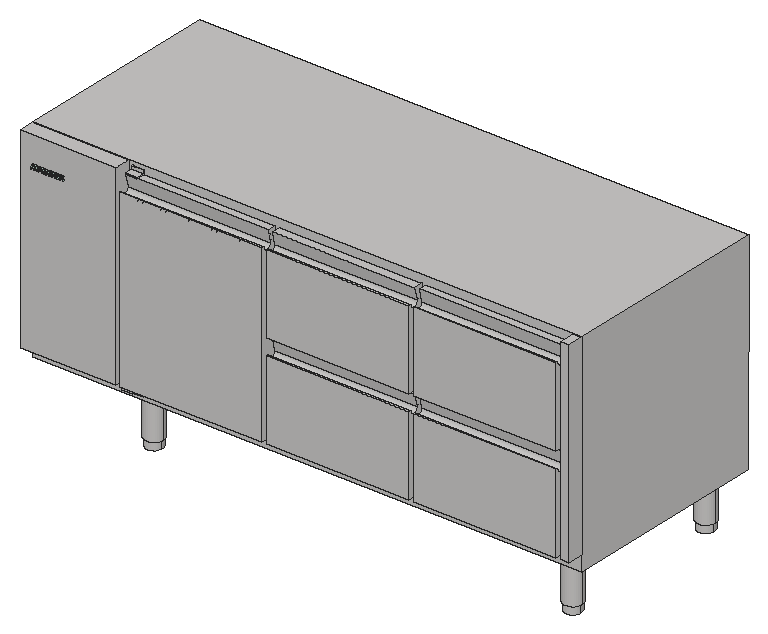
Revit family "QF_ALPENINOX_721141_AA3R7ABB", category Attrezzature speciali, Revit 2018 (continued)
Definition of nested family "HP_APX_BI_TN_L"
  Lines and regions (mm)
    Split face 120
      outline origin (330, -951.3, 50) x (1, 0, 0) y (0, 1, 0)
        loop
          arc (-286.464, 649.474) -> (-282.464, 653.474) -> (-286.464, 657.474) r 4
          line (-286.464, 657.474) -> (-328.464, 657.474)
    Split face 121
      outline origin (110, -951.3, 50) x (1, 0, 0) y (0, 1, 0)
        loop
          arc (-218.464, 657.474) -> (-222.464, 653.474) -> (-218.464, 649.474) r 4
          line (-218.464, 649.474) -> (-176.464, 649.474)
          arc (-176.464, 649.474) -> (-172.464, 653.474) -> (-176.464, 657.474) r 4
          line (-176.464, 657.474) -> (-218.464, 657.474)
    Split face 122
      outline origin (220, -951.3, 50) x (1, 0, 0) y (0, 1, 0)
        loop
          arc (-273.464, 657.474) -> (-277.464, 653.474) -> (-273.464, 649.474) r 4
          line (-273.464, 649.474) -> (-231.464, 649.474)
          arc (-231.464, 649.474) -> (-227.464, 653.474) -> (-231.464, 657.474) r 4
          line (-231.464, 657.474) -> (-273.464, 657.474)
    Split face 123
      outline origin (0, -975.3, 50) x (1, 0, 0) y (0, 1, 0)
        loop
          arc (-163.464, 669.474) -> (-167.464, 665.474) -> (-163.464, 661.474) r 4
          line (-163.464, 661.474) -> (-121.464, 661.474)
          arc (-121.464, 661.474) -> (-117.464, 665.474) -> (-121.464, 669.474) r 4
          line (-121.464, 669.474) -> (-163.464, 669.474)
    Split face 124
      outline origin (330, -975.3, 50) x (1, 0, 0) y (0, 1, 0)
        loop
          arc (-328.464, 669.474) -> (-332.464, 665.474) -> (-328.464, 661.474) r 4
          line (-328.464, 661.474) -> (-286.464, 661.474)
          arc (-286.464, 661.474) -> (-282.464, 665.474) -> (-286.464, 669.474) r 4
          line (-286.464, 669.474) -> (-328.464, 669.474)
    Split face 125
      outline origin (110, -975.3, 50) x (1, 0, 0) y (0, 1, 0)
        loop
          arc (-218.464, 669.474) -> (-222.464, 665.474) -> (-218.464, 661.474) r 4
          line (-218.464, 661.474) -> (-176.464, 661.474)
          arc (-176.464, 661.474) -> (-172.464, 665.474) -> (-176.464, 669.474) r 4
          line (-176.464, 669.474) -> (-218.464, 669.474)
    Split face 126
      outline origin (220, -975.3, 50) x (1, 0, 0) y (0, 1, 0)
        loop
          arc (-273.464, 669.474) -> (-277.464, 665.474) -> (-273.464, 661.474) r 4
          line (-273.464, 661.474) -> (-231.464, 661.474)
          arc (-231.464, 661.474) -> (-227.464, 665.474) -> (-231.464, 669.474) r 4
          line (-231.464, 669.474) -> (-273.464, 669.474)
    Split face 127
      outline origin (0, -999.3, 50) x (1, 0, 0) y (0, 1, 0)
        loop
          arc (-163.464, 681.474) -> (-167.464, 677.474) -> (-163.464, 673.474) r 4
          line (-163.464, 673.474) -> (-121.464, 673.474)
          arc (-121.464, 673.474) -> (-117.464, 677.474) -> (-121.464, 681.474) r 4
          line (-121.464, 681.474) -> (-163.464, 681.474)
    Split face 128
      outline origin (330, -999.3, 50) x (1, 0, 0) y (0, 1, 0)
        loop
          arc (-328.464, 681.474) -> (-332.464, 677.474) -> (-328.464, 673.474) r 4
          line (-328.464, 673.474) -> (-286.464, 673.474)
          arc (-286.464, 673.474) -> (-282.464, 677.474) -> (-286.464, 681.474) r 4
          line (-286.464, 681.474) -> (-328.464, 681.474)
    Split face 129
      outline origin (110, -999.3, 50) x (1, 0, 0) y (0, 1, 0)
        loop
          arc (-218.464, 681.474) -> (-222.464, 677.474) -> (-218.464, 673.474) r 4
          line (-218.464, 673.474) -> (-176.464, 673.474)
          arc (-176.464, 673.474) -> (-172.464, 677.474) -> (-176.464, 681.474) r 4
          line (-176.464, 681.474) -> (-218.464, 681.474)
    Split face 130
      outline origin (220, -999.3, 50) x (1, 0, 0) y (0, 1, 0)
        loop
          arc (-273.464, 681.474) -> (-277.464, 677.474) -> (-273.464, 673.474) r 4
          line (-273.464, 673.474) -> (-231.464, 673.474)
          arc (-231.464, 673.474) -> (-227.464, 677.474) -> (-231.464, 681.474) r 4
          line (-231.464, 681.474) -> (-273.464, 681.474)
    Split face 131
      outline origin (0, -1023.3, 50) x (1, 0, 0) y (0, 1, 0)
        loop
          arc (-163.464, 693.474) -> (-167.464, 689.474) -> (-163.464, 685.474) r 4
          line (-163.464, 685.474) -> (-121.464, 685.474)
          arc (-121.464, 685.474) -> (-117.464, 689.474) -> (-121.464, 693.474) r 4
          line (-121.464, 693.474) -> (-163.464, 693.474)
    Split face 132
      outline origin (330, -1023.3, 50) x (1, 0, 0) y (0, 1, 0)
        loop
          arc (-328.464, 693.474) -> (-332.464, 689.474) -> (-328.464, 685.474) r 4
          line (-328.464, 685.474) -> (-286.464, 685.474)
          arc (-286.464, 685.474) -> (-282.464, 689.474) -> (-286.464, 693.474) r 4
          line (-286.464, 693.474) -> (-328.464, 693.474)
    Split face 133
      outline origin (110, -1023.3, 50) x (1, 0, 0) y (0, 1, 0)
        loop
          arc (-218.464, 693.474) -> (-222.464, 689.474) -> (-218.464, 685.474) r 4
          line (-218.464, 685.474) -> (-176.464, 685.474)
          arc (-176.464, 685.474) -> (-172.464, 689.474) -> (-176.464, 693.474) r 4
          line (-176.464, 693.474) -> (-218.464, 693.474)
    Split face 134
      outline origin (220, -1023.3, 50) x (1, 0, 0) y (0, 1, 0)
        loop
          arc (-273.464, 693.474) -> (-277.464, 689.474) -> (-273.464, 685.474) r 4
          line (-273.464, 685.474) -> (-231.464, 685.474)
          arc (-231.464, 685.474) -> (-227.464, 689.474) -> (-231.464, 693.474) r 4
          line (-231.464, 693.474) -> (-273.464, 693.474)
    symbolic lines
      curve 1: line (87.08, -49, 50) -> (87.08, -49, 0)
  Dimensions and locks
    equal spacing: plane 6, plane 1 "Center (Front/Back)", plane 7
    equal spacing: plane 4, plane 3 "Center (Left/Right)", plane 5
    aligned and locked: plane 2 to Extrusion 1
    aligned and locked: level to Extrusion 1
  Automatic sketch dimensions
    Split face 5 sketch curve to Split face 5 sketch curve = 42 mm
    Split face 5 sketch curve to Split face 5 sketch curve = 4 mm
    Split face 6 sketch curve to Split face 6 sketch curve = 42 mm
    Split face 6 sketch curve to Split face 6 sketch curve = 4 mm
    Split face 7 sketch curve to Split face 7 sketch curve = 42 mm
    Split face 7 sketch curve to Split face 7 sketch curve = 4 mm
    Split face 8 sketch curve to Split face 8 sketch curve = 42 mm
    Split face 8 sketch curve to Split face 8 sketch curve = 4 mm
    Split face 9 sketch curve to Split face 9 sketch curve = 42 mm
    Split face 9 sketch curve to Split face 9 sketch curve = 4 mm
    Split face 10 sketch curve to Split face 10 sketch curve = 42 mm
    Split face 10 sketch curve to Split face 10 sketch curve = 4 mm
    Split face 11 sketch curve to Split face 11 sketch curve = 42 mm
    Split face 11 sketch curve to Split face 11 sketch curve = 4 mm
    Split face 12 sketch curve to Split face 12 sketch curve = 42 mm
    Split face 12 sketch curve to Split face 12 sketch curve = 4 mm
    Split face 13 sketch curve to Split face 13 sketch curve = 42 mm
    Split face 13 sketch curve to Split face 13 sketch curve = 4 mm
    Split face 14 sketch curve to Split face 14 sketch curve = 42 mm
    Split face 14 sketch curve to Split face 14 sketch curve = 4 mm
    Split face 15 sketch curve to Split face 15 sketch curve = 42 mm
    Split face 15 sketch curve to Split face 15 sketch curve = 4 mm
    Split face 16 sketch curve to Split face 16 sketch curve = 42 mm
    Split face 16 sketch curve to Split face 16 sketch curve = 4 mm
    Split face 17 sketch curve to Split face 17 sketch curve = 42 mm
    Split face 17 sketch curve to Split face 17 sketch curve = 4 mm
    Split face 18 sketch curve to Split face 18 sketch curve = 42 mm
    Split face 18 sketch curve to Split face 18 sketch curve = 4 mm
    Split face 19 sketch curve to Split face 19 sketch curve = 42 mm
    Split face 19 sketch curve to Split face 19 sketch curve = 4 mm
    Split face 20 sketch curve to Split face 20 sketch curve = 42 mm
    Split face 20 sketch curve to Split face 20 sketch curve = 4 mm
    Split face 21 sketch curve to Split face 21 sketch curve = 42 mm
    Split face 21 sketch curve to Split face 21 sketch curve = 4 mm
    Split face 22 sketch curve to Split face 22 sketch curve = 42 mm
    Split face 22 sketch curve to Split face 22 sketch curve = 4 mm
    Split face 23 sketch curve to Split face 23 sketch curve = 42 mm
    Split face 23 sketch curve to Split face 23 sketch curve = 4 mm
    Split face 24 sketch curve to Split face 24 sketch curve = 42 mm
    Split face 24 sketch curve to Split face 24 sketch curve = 4 mm
    Split face 25 sketch curve to Split face 25 sketch curve = 42 mm
    Split face 25 sketch curve to Split face 25 sketch curve = 4 mm
    Split face 26 sketch curve to Split face 26 sketch curve = 42 mm
    Split face 26 sketch curve to Split face 26 sketch curve = 4 mm
    Split face 27 sketch curve to Split face 27 sketch curve = 42 mm
    Split face 27 sketch curve to Split face 27 sketch curve = 4 mm
    Split face 28 sketch curve to Split face 28 sketch curve = 42 mm
    Split face 28 sketch curve to Split face 28 sketch curve = 4 mm
    Split face 29 sketch curve to Split face 29 sketch curve = 42 mm
    Split face 29 sketch curve to Split face 29 sketch curve = 4 mm
    Split face 30 sketch curve to Split face 30 sketch curve = 42 mm
    Split face 30 sketch curve to Split face 30 sketch curve = 4 mm
    Split face 31 sketch curve to Split face 31 sketch curve = 42 mm
    Split face 31 sketch curve to Split face 31 sketch curve = 4 mm
    Split face 32 sketch curve to Split face 32 sketch curve = 42 mm
    Split face 32 sketch curve to Split face 32 sketch curve = 4 mm
    Split face 33 sketch curve to Split face 33 sketch curve = 42 mm
    Split face 33 sketch curve to Split face 33 sketch curve = 4 mm
    Split face 34 sketch curve to Split face 34 sketch curve = 42 mm
    Split face 34 sketch curve to Split face 34 sketch curve = 4 mm
    Split face 35 sketch curve to Split face 35 sketch curve = 42 mm
    Split face 35 sketch curve to Split face 35 sketch curve = 4 mm
    Split face 36 sketch curve to Split face 36 sketch curve = 42 mm
    Split face 36 sketch curve to Split face 36 sketch curve = 4 mm
    Split face 37 sketch curve to Split face 37 sketch curve = 42 mm
    Split face 37 sketch curve to Split face 37 sketch curve = 4 mm
    Split face 38 sketch curve to Split face 38 sketch curve = 42 mm
    Split face 38 sketch curve to Split face 38 sketch curve = 4 mm
    Split face 39 sketch curve to Split face 39 sketch curve = 42 mm
    Split face 39 sketch curve to Split face 39 sketch curve = 4 mm
    Split face 40 sketch curve to Split face 40 sketch curve = 42 mm
    Split face 40 sketch curve to Split face 40 sketch curve = 4 mm
    Split face 41 sketch curve to Split face 41 sketch curve = 42 mm
    Split face 41 sketch curve to Split face 41 sketch curve = 4 mm
    Split face 42 sketch curve to Split face 42 sketch curve = 42 mm
    Split face 42 sketch curve to Split face 42 sketch curve = 4 mm
    Split face 43 sketch curve to Split face 43 sketch curve = 42 mm
    Split face 43 sketch curve to Split face 43 sketch curve = 4 mm
    Split face 44 sketch curve to Split face 44 sketch curve = 42 mm
    Split face 44 sketch curve to Split face 44 sketch curve = 4 mm
    Split face 45 sketch curve to Split face 45 sketch curve = 42 mm
    Split face 45 sketch curve to Split face 45 sketch curve = 4 mm
    Split face 46 sketch curve to Split face 46 sketch curve = 42 mm
    Split face 46 sketch curve to Split face 46 sketch curve = 4 mm
    Split face 47 sketch curve to Split face 47 sketch curve = 42 mm
    Split face 47 sketch curve to Split face 47 sketch curve = 4 mm
    Split face 48 sketch curve to Split face 48 sketch curve = 42 mm
    Split face 48 sketch curve to Split face 48 sketch curve = 4 mm
    Split face 49 sketch curve to Split face 49 sketch curve = 42 mm
    Split face 49 sketch curve to Split face 49 sketch curve = 4 mm
    Split face 50 sketch curve to Split face 50 sketch curve = 42 mm
    Split face 50 sketch curve to Split face 50 sketch curve = 4 mm
    Split face 51 sketch curve to Split face 51 sketch curve = 42 mm
    Split face 51 sketch curve to Split face 51 sketch curve = 4 mm
    Split face 52 sketch curve to Split face 52 sketch curve = 42 mm
    Split face 52 sketch curve to Split face 52 sketch curve = 4 mm
    Split face 53 sketch curve to Split face 53 sketch curve = 42 mm
    Split face 53 sketch curve to Split face 53 sketch curve = 4 mm
    Split face 54 sketch curve to Split face 54 sketch curve = 42 mm
    Split face 54 sketch curve to Split face 54 sketch curve = 4 mm
    Split face 55 sketch curve to Split face 55 sketch curve = 42 mm
    Split face 55 sketch curve to Split face 55 sketch curve = 4 mm
    Split face 56 sketch curve to Split face 56 sketch curve = 42 mm
    Split face 56 sketch curve to Split face 56 sketch curve = 4 mm
    Split face 57 sketch curve to Split face 57 sketch curve = 42 mm
    Split face 57 sketch curve to Split face 57 sketch curve = 4 mm
    Split face 58 sketch curve to Split face 58 sketch curve = 42 mm
    Split face 58 sketch curve to Split face 58 sketch curve = 4 mm
    Split face 59 sketch curve to Split face 59 sketch curve = 42 mm
    Split face 59 sketch curve to Split face 59 sketch curve = 4 mm
    Split face 60 sketch curve to Split face 60 sketch curve = 42 mm
    Split face 60 sketch curve to Split face 60 sketch curve = 4 mm
    Split face 61 sketch curve to Split face 61 sketch curve = 42 mm
    Split face 61 sketch curve to Split face 61 sketch curve = 4 mm
    Split face 62 sketch curve to Split face 62 sketch curve = 42 mm
    Split face 62 sketch curve to Split face 62 sketch curve = 4 mm
    Split face 63 sketch curve to Split face 63 sketch curve = 42 mm
    Split face 63 sketch curve to Split face 63 sketch curve = 4 mm
    Split face 64 sketch curve to Split face 64 sketch curve = 42 mm
    Split face 64 sketch curve to Split face 64 sketch curve = 4 mm
    Split face 65 sketch curve to Split face 65 sketch curve = 42 mm
    Split face 65 sketch curve to Split face 65 sketch curve = 4 mm
    Split face 66 sketch curve to Split face 66 sketch curve = 42 mm
    Split face 66 sketch curve to Split face 66 sketch curve = 4 mm
    Split face 67 sketch curve to Split face 67 sketch curve = 42 mm
    Split face 67 sketch curve to Split face 67 sketch curve = 4 mm
    Split face 68 sketch curve to Split face 68 sketch curve = 42 mm
    Split face 68 sketch curve to Split face 68 sketch curve = 4 mm
    Split face 69 sketch curve to Split face 69 sketch curve = 42 mm
    Split face 69 sketch curve to Split face 69 sketch curve = 4 mm
    Split face 71 sketch curve to Split face 71 sketch curve = 42 mm
    Split face 71 sketch curve to Split face 71 sketch curve = 4 mm
    Split face 72 sketch curve to Split face 72 sketch curve = 42 mm
    Split face 72 sketch curve to Split face 72 sketch curve = 4 mm
    Split face 73 sketch curve to Split face 73 sketch curve = 42 mm
    Split face 73 sketch curve to Split face 73 sketch curve = 4 mm
    Split face 74 sketch curve to Split face 74 sketch curve = 42 mm
    Split face 74 sketch curve to Split face 74 sketch curve = 4 mm
    Split face 75 sketch curve to Split face 75 sketch curve = 42 mm
    Split face 75 sketch curve to Split face 75 sketch curve = 4 mm
    Split face 76 sketch curve to Split face 76 sketch curve = 42 mm
    Split face 76 sketch curve to Split face 76 sketch curve = 4 mm
    Split face 77 sketch curve to Split face 77 sketch curve = 42 mm
    Split face 77 sketch curve to Split face 77 sketch curve = 4 mm
    Split face 78 sketch curve to Split face 78 sketch curve = 42 mm
    Split face 78 sketch curve to Split face 78 sketch curve = 4 mm
    Split face 79 sketch curve to Split face 79 sketch curve = 42 mm
    Split face 79 sketch curve to Split face 79 sketch curve = 4 mm
    Split face 80 sketch curve to Split face 80 sketch curve = 42 mm
    Split face 80 sketch curve to Split face 80 sketch curve = 4 mm
    Split face 81 sketch curve to Split face 81 sketch curve = 42 mm
    Split face 81 sketch curve to Split face 81 sketch curve = 4 mm
    Split face 82 sketch curve to Split face 82 sketch curve = 42 mm
    Split face 82 sketch curve to Split face 82 sketch curve = 4 mm
    Split face 83 sketch curve to Split face 83 sketch curve = 42 mm
    Split face 83 sketch curve to Split face 83 sketch curve = 4 mm
    Split face 84 sketch curve to Split face 84 sketch curve = 42 mm
    Split face 84 sketch curve to Split face 84 sketch curve = 4 mm
    Split face 85 sketch curve to Split face 85 sketch curve = 42 mm
    Split face 85 sketch curve to Split face 85 sketch curve = 4 mm
    Split face 86 sketch curve to Split face 86 sketch curve = 42 mm
    Split face 86 sketch curve to Split face 86 sketch curve = 4 mm
    Split face 87 sketch curve to Split face 87 sketch curve = 42 mm
    Split face 87 sketch curve to Split face 87 sketch curve = 4 mm
    Split face 88 sketch curve to Split face 88 sketch curve = 42 mm
    Split face 88 sketch curve to Split face 88 sketch curve = 4 mm
    Split face 89 sketch curve to Split face 89 sketch curve = 42 mm
    Split face 89 sketch curve to Split face 89 sketch curve = 4 mm
    Split face 90 sketch curve to Split face 90 sketch curve = 42 mm
    Split face 90 sketch curve to Split face 90 sketch curve = 4 mm
    Split face 91 sketch curve to Split face 91 sketch curve = 42 mm
    Split face 91 sketch curve to Split face 91 sketch curve = 4 mm
    Split face 92 sketch curve to Split face 92 sketch curve = 42 mm
    Split face 92 sketch curve to Split face 92 sketch curve = 4 mm
    Split face 93 sketch curve to Split face 93 sketch curve = 42 mm
    Split face 93 sketch curve to Split face 93 sketch curve = 4 mm
    Split face 94 sketch curve to Split face 94 sketch curve = 42 mm
    Split face 94 sketch curve to Split face 94 sketch curve = 4 mm
    Split face 95 sketch curve to Split face 95 sketch curve = 42 mm
    Split face 95 sketch curve to Split face 95 sketch curve = 4 mm
    Split face 96 sketch curve to Split face 96 sketch curve = 42 mm
    Split face 96 sketch curve to Split face 96 sketch curve = 4 mm
    Split face 97 sketch curve to Split face 97 sketch curve = 42 mm
    Split face 97 sketch curve to Split face 97 sketch curve = 4 mm
    Split face 98 sketch curve to Split face 98 sketch curve = 42 mm
    Split face 98 sketch curve to Split face 98 sketch curve = 4 mm
    Split face 99 sketch curve to Split face 99 sketch curve = 42 mm
    Split face 99 sketch curve to Split face 99 sketch curve = 4 mm
    Split face 100 sketch curve to Split face 100 sketch curve = 42 mm
    Split face 100 sketch curve to Split face 100 sketch curve = 4 mm
    Split face 101 sketch curve to Split face 101 sketch curve = 42 mm
    Split face 101 sketch curve to Split face 101 sketch curve = 4 mm
    Split face 102 sketch curve to Split face 102 sketch curve = 42 mm
    Split face 102 sketch curve to Split face 102 sketch curve = 4 mm
    Split face 103 sketch curve to Split face 103 sketch curve = 42 mm
    Split face 103 sketch curve to Split face 103 sketch curve = 4 mm
    Split face 104 sketch curve to Split face 104 sketch curve = 42 mm
    Split face 104 sketch curve to Split face 104 sketch curve = 4 mm
    Split face 105 sketch curve to Split face 105 sketch curve = 42 mm
    Split face 105 sketch curve to Split face 105 sketch curve = 4 mm
    Split face 106 sketch curve to Split face 106 sketch curve = 42 mm
    Split face 106 sketch curve to Split face 106 sketch curve = 4 mm
    Split face 107 sketch curve to Split face 107 sketch curve = 42 mm
    Split face 107 sketch curve to Split face 107 sketch curve = 4 mm
    Split face 108 sketch curve to Split face 108 sketch curve = 42 mm
    Split face 108 sketch curve to Split face 108 sketch curve = 4 mm
    Split face 109 sketch curve to Split face 109 sketch curve = 42 mm
    Split face 109 sketch curve to Split face 109 sketch curve = 4 mm
    Split face 110 sketch curve to Split face 110 sketch curve = 42 mm
    Split face 110 sketch curve to Split face 110 sketch curve = 4 mm
    Split face 111 sketch curve to Split face 111 sketch curve = 42 mm
    Split face 111 sketch curve to Split face 111 sketch curve = 4 mm
    Split face 112 sketch curve to Split face 112 sketch curve = 42 mm
    Split face 112 sketch curve to Split face 112 sketch curve = 4 mm
    Split face 113 sketch curve to Split face 113 sketch curve = 42 mm
    Split face 113 sketch curve to Split face 113 sketch curve = 4 mm
    Split face 114 sketch curve to Split face 114 sketch curve = 42 mm
    Split face 114 sketch curve to Split face 114 sketch curve = 4 mm
    Split face 115 sketch curve to Split face 115 sketch curve = 42 mm
    Split face 115 sketch curve to Split face 115 sketch curve = 4 mm
    Split face 116 sketch curve to Split face 116 sketch curve = 42 mm
    Split face 116 sketch curve to Split face 116 sketch curve = 4 mm
    Split face 117 sketch curve to Split face 117 sketch curve = 42 mm
    Split face 117 sketch curve to Split face 117 sketch curve = 4 mm
    Split face 118 sketch curve to Split face 118 sketch curve = 42 mm
    Split face 118 sketch curve to Split face 118 sketch curve = 4 mm
    Split face 119 sketch curve to Split face 119 sketch curve = 42 mm
    Split face 119 sketch curve to Split face 119 sketch curve = 4 mm
    Split face 120 sketch curve to Split face 120 sketch curve = 42 mm
    Split face 120 sketch curve to Split face 120 sketch curve = 4 mm
    Split face 121 sketch curve to Split face 121 sketch curve = 42 mm
    Split face 121 sketch curve to Split face 121 sketch curve = 4 mm
    Split face 122 sketch curve to Split face 122 sketch curve = 42 mm
    Split face 122 sketch curve to Split face 122 sketch curve = 4 mm
    Split face 123 sketch curve to Split face 123 sketch curve = 42 mm
    Split face 123 sketch curve to Split face 123 sketch curve = 4 mm
    Split face 124 sketch curve to Split face 124 sketch curve = 42 mm
    Split face 124 sketch curve to Split face 124 sketch curve = 4 mm
    Split face 125 sketch curve to Split face 125 sketch curve = 42 mm
    Split face 125 sketch curve to Split face 125 sketch curve = 4 mm
    Split face 126 sketch curve to Split face 126 sketch curve = 42 mm
    Split face 126 sketch curve to Split face 126 sketch curve = 4 mm
    Split face 127 sketch curve to Split face 127 sketch curve = 42 mm
    Split face 127 sketch curve to Split face 127 sketch curve = 4 mm
    Split face 128 sketch curve to Split face 128 sketch curve = 42 mm
    Split face 128 sketch curve to Split face 128 sketch curve = 4 mm
    Split face 129 sketch curve to Split face 129 sketch curve = 42 mm
    Split face 129 sketch curve to Split face 129 sketch curve = 4 mm
    Split face 130 sketch curve to Split face 130 sketch curve = 42 mm
    Split face 130 sketch curve to Split face 130 sketch curve = 4 mm
    Split face 131 sketch curve to Split face 131 sketch curve = 42 mm
    Split face 131 sketch curve to Split face 131 sketch curve = 4 mm
    Split face 132 sketch curve to Split face 132 sketch curve = 42 mm
    Split face 132 sketch curve to Split face 132 sketch curve = 4 mm
    Split face 133 sketch curve to Split face 133 sketch curve = 42 mm
    Split face 133 sketch curve to Split face 133 sketch curve = 4 mm
    Split face 134 sketch curve to Split face 134 sketch curve = 42 mm
    Split face 134 sketch curve to Split face 134 sketch curve = 4 mm
    Extrusion 1 sketch curve to Extrusion 1 sketch curve = 2438.4 mm  (x2)
    Extrusion 2 sketch curve to plane 4 = 0 mm
    Extrusion 2 sketch curve to plane 5 = 0 mm
    Extrusion 2 sketch curve to plane 7 = 0 mm
    Extrusion 2 sketch curve to plane 6 = 0 mm
    Split face 1 sketch curve to Extrusion 2 = 0 mm  (x2)
    Split face 1 sketch curve to Extrusion 2 = 34 mm
    Split face 1 sketch curve to Extrusion 2 = 104 mm
    Split face 1 sketch curve to Split face 1 sketch curve = 17.5 mm
    Split face 2 sketch curve to Extrusion 2 = 130.5 mm
    Split face 2 sketch curve to Extrusion 2 = 60.5 mm
    Split face 2 sketch curve to Extrusion 2 = 98 mm
    Split face 2 sketch curve to Split face 2 sketch curve = 23 mm
    Split face 3 sketch curve to Extrusion 2 = 80.5 mm
    Split face 3 sketch curve to Split face 3 sketch curve = 17 mm  (x2)
    Split face 3 sketch curve to Extrusion 2 = 95 mm
    plane 4 to Extrusion 3 sketch curve = 34.51 mm
    Extrusion 3 sketch curve to Extrusion 3 sketch curve = 1.266 mm
    Extrusion 3 sketch curve to Extrusion 3 sketch curve = 1.307 mm
    Extrusion 3 sketch curve to Extrusion 3 sketch curve = 0.57 mm
    Extrusion 3 sketch curve to Extrusion 3 sketch curve = 0.593 mm
    Extrusion 3 sketch curve to Extrusion 3 sketch curve = 0.799 mm
    Extrusion 3 sketch curve to Extrusion 3 sketch curve = 1.99 mm  (x2)
    Extrusion 3 sketch curve to Extrusion 3 sketch curve = 0.003 mm
    Extrusion 3 sketch curve to Extrusion 3 sketch curve = 3.534 mm
    Extrusion 3 sketch curve to Extrusion 3 sketch curve = 0.835 mm
    Extrusion 3 sketch curve to Extrusion 3 sketch curve = 0.56 mm
    Extrusion 3 sketch curve to Extrusion 3 sketch curve = 1.268 mm
    Extrusion 3 sketch curve to Extrusion 3 sketch curve = 1.223 mm
    Extrusion 3 sketch curve to Extrusion 3 sketch curve = 1.344 mm
    Extrusion 3 sketch curve to Extrusion 3 sketch curve = 1.394 mm  (x2)
    Extrusion 3 sketch curve to Extrusion 3 sketch curve = 1.512 mm
    Extrusion 3 sketch curve to Extrusion 3 sketch curve = 3.309 mm
    Extrusion 3 sketch curve to Extrusion 3 sketch curve = 5.841 mm
    Extrusion 3 sketch curve to Extrusion 3 sketch curve = 1.393 mm
    Extrusion 3 sketch curve to Extrusion 3 sketch curve = 1.439 mm
    Extrusion 3 sketch curve to Extrusion 3 sketch curve = 0 mm  (x19)
    Extrusion 3 sketch curve to Extrusion 3 sketch curve = 1.902 mm
    Extrusion 3 sketch curve to Extrusion 3 sketch curve = 0.052 mm
    Extrusion 3 sketch curve to Extrusion 3 sketch curve = 2.065 mm
    Extrusion 3 sketch curve to Extrusion 3 sketch curve = 0.647 mm
    Extrusion 3 sketch curve to Extrusion 3 sketch curve = 8.079 mm
    Extrusion 3 sketch curve to Extrusion 3 sketch curve = 0.073 mm
    Extrusion 3 sketch curve to Extrusion 3 sketch curve = 2.145 mm
    Extrusion 3 sketch curve to Extrusion 3 sketch curve = 2.931 mm
    Extrusion 3 sketch curve to Extrusion 3 sketch curve = 0.213 mm
    Extrusion 3 sketch curve to Extrusion 3 sketch curve = 0.026 mm
    Extrusion 3 sketch curve to Extrusion 3 sketch curve = 0.263 mm
    Extrusion 3 sketch curve to Extrusion 3 sketch curve = 0.516 mm
    Extrusion 3 sketch curve to Extrusion 3 sketch curve = 0.356 mm
    Extrusion 3 sketch curve to Extrusion 3 sketch curve = 0.387 mm
    Extrusion 3 sketch curve to Extrusion 3 sketch curve = 2.378 mm
    Extrusion 3 sketch curve to Extrusion 3 sketch curve = 2.466 mm
    Extrusion 3 sketch curve to Extrusion 3 sketch curve = 0.602 mm
    Extrusion 3 sketch curve to Extrusion 3 sketch curve = 1.02 mm
    Extrusion 3 sketch curve to Extrusion 3 sketch curve = 0.949 mm
    Extrusion 3 sketch curve to Extrusion 3 sketch curve = 1.728 mm
    Extrusion 3 sketch curve to Extrusion 3 sketch curve = 0.157 mm  (x2)
    Extrusion 3 sketch curve to Extrusion 3 sketch curve = 0.292 mm
    Extrusion 3 sketch curve to Extrusion 3 sketch curve = 3.565 mm
    Extrusion 3 sketch curve to Extrusion 3 sketch curve = 1.396 mm  (x2)
    Extrusion 3 sketch curve to Extrusion 3 sketch curve = 1.418 mm  (x2)
    Extrusion 3 sketch curve to Extrusion 3 sketch curve = 1.151 mm  (x2)
    Extrusion 3 sketch curve to Extrusion 3 sketch curve = 5.709 mm  (x2)
    Extrusion 3 sketch curve to Extrusion 3 sketch curve = 0.224 mm  (x2)
    Extrusion 3 sketch curve to Extrusion 3 sketch curve = 1.149 mm  (x2)
    Extrusion 3 sketch curve to Extrusion 3 sketch curve = 1.395 mm  (x2)
    Extrusion 3 sketch curve to Extrusion 3 sketch curve = 1.744 mm
    Extrusion 3 sketch curve to Extrusion 3 sketch curve = 1.745 mm
    Extrusion 3 sketch curve to Extrusion 3 sketch curve = 6.963 mm
    Extrusion 3 sketch curve to Extrusion 3 sketch curve = 0.493 mm  (x3)
    Extrusion 3 sketch curve to Extrusion 3 sketch curve = 0.273 mm  (x2)
    Extrusion 3 sketch curve to Extrusion 3 sketch curve = 0.021 mm  (x2)
    Extrusion 3 sketch curve to Extrusion 3 sketch curve = 0.226 mm  (x2)
    Extrusion 3 sketch curve to Extrusion 3 sketch curve = 0.268 mm  (x2)
    Extrusion 3 sketch curve to Extrusion 3 sketch curve = 0.294 mm
    Extrusion 3 sketch curve to Extrusion 3 sketch curve = 5.238 mm
    Extrusion 3 sketch curve to Extrusion 3 sketch curve = 5.908 mm
    Extrusion 3 sketch curve to Extrusion 3 sketch curve = 1.109 mm  (x2)
    Extrusion 3 sketch curve to Extrusion 3 sketch curve = 1.108 mm  (x2)
    Extrusion 3 sketch curve to Extrusion 3 sketch curve = 1.142 mm  (x2)
    Extrusion 3 sketch curve to Extrusion 3 sketch curve = 1.216 mm  (x2)
    Extrusion 3 sketch curve to Extrusion 3 sketch curve = 3.013 mm
    Extrusion 3 sketch curve to Extrusion 3 sketch curve = 1.616 mm  (x3)
    Extrusion 3 sketch curve to Extrusion 3 sketch curve = 2.305 mm
    Extrusion 3 sketch curve to Extrusion 3 sketch curve = 3.049 mm
    Extrusion 3 sketch curve to plane 6 = 93.469 mm
    Extrusion 3 sketch curve to Extrusion 3 sketch curve = 0.498 mm
    Extrusion 3 sketch curve to Extrusion 3 sketch curve = 0.682 mm
    Extrusion 3 sketch curve to Extrusion 3 sketch curve = 0.664 mm
    Extrusion 3 sketch curve to Extrusion 3 sketch curve = 0.425 mm
    Extrusion 3 sketch curve to Extrusion 3 sketch curve = 0.41 mm
    Extrusion 3 sketch curve to Extrusion 3 sketch curve = 1.272 mm
    Extrusion 3 sketch curve to Extrusion 3 sketch curve = 0.789 mm  (x2)
    Extrusion 3 sketch curve to Extrusion 3 sketch curve = 0.056 mm
    Extrusion 3 sketch curve to Extrusion 3 sketch curve = 0.83 mm
    Extrusion 3 sketch curve to Extrusion 3 sketch curve = 1.238 mm
    Extrusion 3 sketch curve to Extrusion 3 sketch curve = 1.732 mm
    Extrusion 3 sketch curve to Extrusion 3 sketch curve = 0.346 mm
    Extrusion 3 sketch curve to Extrusion 3 sketch curve = 1.123 mm
    Extrusion 3 sketch curve to Extrusion 3 sketch curve = 3.023 mm
    Extrusion 3 sketch curve to Extrusion 3 sketch curve = 4.203 mm
    Extrusion 3 sketch curve to Extrusion 3 sketch curve = 3.452 mm  (x2)
    Extrusion 3 sketch curve to Extrusion 3 sketch curve = 2.544 mm
    Extrusion 3 sketch curve to Extrusion 3 sketch curve = 1.177 mm
    Extrusion 3 sketch curve to Extrusion 3 sketch curve = 3.261 mm
    Extrusion 3 sketch curve to Extrusion 3 sketch curve = 0.352 mm  (x2)
    Extrusion 3 sketch curve to Extrusion 3 sketch curve = 1.987 mm
    Extrusion 3 sketch curve to Extrusion 3 sketch curve = 0.171 mm
    Extrusion 3 sketch curve to Extrusion 3 sketch curve = 0.533 mm  (x3)
    Extrusion 3 sketch curve to Extrusion 3 sketch curve = 0.14 mm  (x4)
    Extrusion 3 sketch curve to Extrusion 3 sketch curve = 0.473 mm
    Extrusion 3 sketch curve to Extrusion 3 sketch curve = 0.31 mm  (x2)
    Extrusion 3 sketch curve to Extrusion 3 sketch curve = 0.075 mm
    Extrusion 3 sketch curve to Extrusion 3 sketch curve = 2.431 mm
    Extrusion 3 sketch curve to Extrusion 3 sketch curve = 2.32 mm  (x2)
    Extrusion 3 sketch curve to Extrusion 3 sketch curve = 1.992 mm
    Extrusion 3 sketch curve to Extrusion 3 sketch curve = 0.674 mm
    Extrusion 3 sketch curve to Extrusion 3 sketch curve = 0.732 mm
    Extrusion 3 sketch curve to Extrusion 3 sketch curve = 0.388 mm
    Extrusion 3 sketch curve to Extrusion 3 sketch curve = 0.121 mm
    Extrusion 3 sketch curve to Extrusion 3 sketch curve = 2.589 mm
    Extrusion 3 sketch curve to Extrusion 3 sketch curve = 0.662 mm
    Extrusion 3 sketch curve to Extrusion 3 sketch curve = 3.473 mm
    Extrusion 3 sketch curve to Extrusion 3 sketch curve = 0.681 mm
    Extrusion 3 sketch curve to Extrusion 3 sketch curve = 1.615 mm
    Extrusion 3 sketch curve to Extrusion 3 sketch curve = 0.34 mm
    Extrusion 3 sketch curve to Extrusion 3 sketch curve = 2.288 mm
    Extrusion 3 sketch curve to Extrusion 3 sketch curve = 0.942 mm
    Extrusion 3 sketch curve to Extrusion 3 sketch curve = 5.4 mm
    Extrusion 3 sketch curve to Extrusion 3 sketch curve = 1.768 mm  (x2)
    Extrusion 3 sketch curve to Extrusion 3 sketch curve = 0.761 mm
    Extrusion 3 sketch curve to Extrusion 3 sketch curve = 0.996 mm
    Extrusion 3 sketch curve to Extrusion 3 sketch curve = 3.543 mm  (x2)
    Extrusion 3 sketch curve to Extrusion 3 sketch curve = 7.017 mm
    Extrusion 3 sketch curve to Extrusion 3 sketch curve = 0.11 mm
    Extrusion 3 sketch curve to Extrusion 3 sketch curve = 0.823 mm  (x2)
    Extrusion 3 sketch curve to Extrusion 3 sketch curve = 0.947 mm
    Extrusion 3 sketch curve to Extrusion 3 sketch curve = 3.837 mm
    Extrusion 3 sketch curve to Extrusion 3 sketch curve = 0.623 mm
    Extrusion 3 sketch curve to Extrusion 3 sketch curve = 1.082 mm
    Extrusion 3 sketch curve to Extrusion 3 sketch curve = 0.801 mm
    Extrusion 3 sketch curve to Extrusion 3 sketch curve = 1 mm
    Extrusion 3 sketch curve to Extrusion 3 sketch curve = 0.089 mm
    Extrusion 3 sketch curve to Extrusion 3 sketch curve = 4.257 mm
    Extrusion 3 sketch curve to Extrusion 3 sketch curve = 4.345 mm  (x2)
    Extrusion 3 sketch curve to Extrusion 3 sketch curve = 2.576 mm
    Extrusion 3 sketch curve to Extrusion 3 sketch curve = 1.385 mm  (x4)
    Extrusion 3 sketch curve to Extrusion 3 sketch curve = 2.133 mm  (x4)
    Extrusion 3 sketch curve to Extrusion 3 sketch curve = 3.518 mm
    Extrusion 3 sketch curve to Extrusion 3 sketch curve = 5.603 mm
    Extrusion 3 sketch curve to Extrusion 3 sketch curve = 2.571 mm
    Split face 4 sketch curve to Extrusion 2 = 0 mm  (x2)
    Split face 4 sketch curve to Extrusion 2 = 64 mm
    Extrusion 4 sketch curve to Extrusion 4 sketch curve = 294 mm
    Extrusion 4 sketch curve to Extrusion 4 sketch curve = 652 mm
    Split face 70 sketch curve to Extrusion 2 = 0 mm  (x2)
    Split face 70 sketch curve to Extrusion 2 = 109 mm
    Split face 5 sketch curve to Extrusion 2 = 43.456 mm
    Split face 5 sketch curve to Extrusion 2 = 128.176 mm
    Split face 6 sketch curve to Extrusion 2 = 85.544 mm
    Split face 6 sketch curve to Extrusion 2 = 128.176 mm
    Split face 7 sketch curve to Extrusion 2 = 98.456 mm
    Split face 7 sketch curve to Extrusion 2 = 128.176 mm
    Split face 8 sketch curve to Extrusion 2 = 140.544 mm
    Split face 8 sketch curve to Extrusion 2 = 128.176 mm
    Split face 10 sketch curve to Extrusion 2 = 43.456 mm
    Split face 10 sketch curve to Extrusion 2 = 140.176 mm
    Split face 11 sketch curve to Extrusion 2 = 85.544 mm
    Split face 11 sketch curve to Extrusion 2 = 140.176 mm
    Split face 12 sketch curve to Extrusion 2 = 98.456 mm
    Split face 12 sketch curve to Extrusion 2 = 140.176 mm
    Split face 13 sketch curve to Extrusion 2 = 140.544 mm
    Split face 13 sketch curve to Extrusion 2 = 140.176 mm
    Split face 14 sketch curve to Extrusion 2 = 43.456 mm
    Split face 14 sketch curve to Extrusion 2 = 152.176 mm
    Split face 15 sketch curve to Extrusion 2 = 85.544 mm
    Split face 15 sketch curve to Extrusion 2 = 152.176 mm
    Split face 16 sketch curve to Extrusion 2 = 98.456 mm
    Split face 16 sketch curve to Extrusion 2 = 152.176 mm
    Split face 17 sketch curve to Extrusion 2 = 140.544 mm
    Split face 17 sketch curve to Extrusion 2 = 152.176 mm
    Split face 18 sketch curve to Extrusion 2 = 43.456 mm
    Split face 18 sketch curve to Extrusion 2 = 164.176 mm
    Split face 19 sketch curve to Extrusion 2 = 85.544 mm
    Split face 19 sketch curve to Extrusion 2 = 164.176 mm
    Split face 20 sketch curve to Extrusion 2 = 98.456 mm
    Split face 20 sketch curve to Extrusion 2 = 164.176 mm
    Split face 21 sketch curve to Extrusion 2 = 140.544 mm
    Split face 21 sketch curve to Extrusion 2 = 164.176 mm
    Split face 22 sketch curve to Extrusion 2 = 43.456 mm
    Split face 22 sketch curve to Extrusion 2 = 176.176 mm
    Split face 23 sketch curve to Extrusion 2 = 85.544 mm
    Split face 23 sketch curve to Extrusion 2 = 176.176 mm
    Split face 24 sketch curve to Extrusion 2 = 98.456 mm
    Split face 24 sketch curve to Extrusion 2 = 176.176 mm
    Split face 25 sketch curve to Extrusion 2 = 140.544 mm
    Split face 25 sketch curve to Extrusion 2 = 176.176 mm
    Split face 26 sketch curve to Extrusion 2 = 43.456 mm
    Split face 26 sketch curve to Extrusion 2 = 188.176 mm
    Split face 27 sketch curve to Extrusion 2 = 85.544 mm
    Split face 27 sketch curve to Extrusion 2 = 188.176 mm
    Split face 28 sketch curve to Extrusion 2 = 98.456 mm
    Split face 28 sketch curve to Extrusion 2 = 188.176 mm
    Split face 29 sketch curve to Extrusion 2 = 140.544 mm
    Split face 29 sketch curve to Extrusion 2 = 188.176 mm
    Split face 30 sketch curve to Extrusion 2 = 43.456 mm
    Split face 30 sketch curve to Extrusion 2 = 200.176 mm
    Split face 31 sketch curve to Extrusion 2 = 85.544 mm
    Split face 31 sketch curve to Extrusion 2 = 200.176 mm
    Split face 32 sketch curve to Extrusion 2 = 98.456 mm
    Split face 32 sketch curve to Extrusion 2 = 200.176 mm
    Split face 33 sketch curve to Extrusion 2 = 140.544 mm
    Split face 33 sketch curve to Extrusion 2 = 200.176 mm
    Split face 34 sketch curve to Extrusion 2 = 43.456 mm
    Split face 34 sketch curve to Extrusion 2 = 212.176 mm
    Split face 35 sketch curve to Extrusion 2 = 85.544 mm
    Split face 35 sketch curve to Extrusion 2 = 212.176 mm
    Split face 36 sketch curve to Extrusion 2 = 98.456 mm
    Split face 36 sketch curve to Extrusion 2 = 212.176 mm
    Split face 37 sketch curve to Extrusion 2 = 140.544 mm
    Split face 37 sketch curve to Extrusion 2 = 212.176 mm
    Split face 38 sketch curve to Extrusion 2 = 43.456 mm
    Split face 38 sketch curve to Extrusion 2 = 224.176 mm
    Split face 39 sketch curve to Extrusion 2 = 85.544 mm
    Split face 39 sketch curve to Extrusion 2 = 224.176 mm
    Split face 40 sketch curve to Extrusion 2 = 98.456 mm
    Split face 40 sketch curve to Extrusion 2 = 224.176 mm
    Split face 41 sketch curve to Extrusion 2 = 140.544 mm
    Split face 41 sketch curve to Extrusion 2 = 224.176 mm
    Split face 42 sketch curve to Extrusion 2 = 43.456 mm
    Split face 42 sketch curve to Extrusion 2 = 236.176 mm
    Split face 43 sketch curve to Extrusion 2 = 85.544 mm
    Split face 43 sketch curve to Extrusion 2 = 236.176 mm
    Split face 44 sketch curve to Extrusion 2 = 98.456 mm
    Split face 44 sketch curve to Extrusion 2 = 236.176 mm
    Split face 45 sketch curve to Extrusion 2 = 140.544 mm
    Split face 45 sketch curve to Extrusion 2 = 236.176 mm
    Split face 46 sketch curve to Extrusion 2 = 43.456 mm
    Split face 46 sketch curve to Extrusion 2 = 248.176 mm
    Split face 47 sketch curve to Extrusion 2 = 85.544 mm
    Split face 47 sketch curve to Extrusion 2 = 248.176 mm
    Split face 48 sketch curve to Extrusion 2 = 98.456 mm
    Split face 48 sketch curve to Extrusion 2 = 248.176 mm
    Split face 49 sketch curve to Extrusion 2 = 140.544 mm
    Split face 49 sketch curve to Extrusion 2 = 248.176 mm
    Split face 50 sketch curve to Extrusion 2 = 43.456 mm
    Split face 50 sketch curve to Extrusion 2 = 260.176 mm
    Split face 51 sketch curve to Extrusion 2 = 85.544 mm
    Split face 51 sketch curve to Extrusion 2 = 260.176 mm
    Split face 52 sketch curve to Extrusion 2 = 98.456 mm
    Split face 52 sketch curve to Extrusion 2 = 260.176 mm
    Split face 53 sketch curve to Extrusion 2 = 140.544 mm
    Split face 53 sketch curve to Extrusion 2 = 260.176 mm
    Split face 54 sketch curve to Extrusion 2 = 43.456 mm
    Split face 54 sketch curve to Extrusion 2 = 272.176 mm
    Split face 55 sketch curve to Extrusion 2 = 85.544 mm
    Split face 55 sketch curve to Extrusion 2 = 272.176 mm
    Split face 56 sketch curve to Extrusion 2 = 98.456 mm
    Split face 56 sketch curve to Extrusion 2 = 272.176 mm
    Split face 57 sketch curve to Extrusion 2 = 140.544 mm
    Split face 57 sketch curve to Extrusion 2 = 272.176 mm
    Split face 58 sketch curve to Extrusion 2 = 43.456 mm
    Split face 58 sketch curve to Extrusion 2 = 284.176 mm
    Split face 59 sketch curve to Extrusion 2 = 85.544 mm
    Split face 59 sketch curve to Extrusion 2 = 284.176 mm
    Split face 60 sketch curve to Extrusion 2 = 98.456 mm
    Split face 60 sketch curve to Extrusion 2 = 284.176 mm
    Split face 61 sketch curve to Extrusion 2 = 140.544 mm
    Split face 61 sketch curve to Extrusion 2 = 284.176 mm
    Split face 62 sketch curve to Extrusion 2 = 43.456 mm
    Split face 62 sketch curve to Extrusion 2 = 296.176 mm
    Split face 63 sketch curve to Extrusion 2 = 85.544 mm
    Split face 63 sketch curve to Extrusion 2 = 296.176 mm
    Split face 64 sketch curve to Extrusion 2 = 98.456 mm
    Split face 64 sketch curve to Extrusion 2 = 296.176 mm
    Split face 65 sketch curve to Extrusion 2 = 140.544 mm
    Split face 65 sketch curve to Extrusion 2 = 296.176 mm
    Split face 66 sketch curve to Extrusion 2 = 43.456 mm
    Split face 66 sketch curve to Extrusion 2 = 308.176 mm
    Split face 67 sketch curve to Extrusion 2 = 85.544 mm
    Split face 67 sketch curve to Extrusion 2 = 308.176 mm
    Split face 68 sketch curve to Extrusion 2 = 98.456 mm
    Split face 68 sketch curve to Extrusion 2 = 308.176 mm
    Split face 69 sketch curve to Extrusion 2 = 140.544 mm
    Split face 69 sketch curve to Extrusion 2 = 308.176 mm
    Split face 71 sketch curve to Extrusion 2 = 43.456 mm
    Split face 71 sketch curve to Extrusion 2 = 192.174 mm
    Split face 72 sketch curve to Extrusion 2 = 85.544 mm
    Split face 72 sketch curve to Extrusion 2 = 192.174 mm
    Split face 73 sketch curve to Extrusion 2 = 98.456 mm
    Split face 73 sketch curve to Extrusion 2 = 192.174 mm
    Split face 74 sketch curve to Extrusion 2 = 140.544 mm
    Split face 74 sketch curve to Extrusion 2 = 192.174 mm
    Split face 75 sketch curve to Extrusion 2 = 43.456 mm
    Split face 75 sketch curve to Extrusion 2 = 180.174 mm
    Split face 76 sketch curve to Extrusion 2 = 85.544 mm
    Split face 76 sketch curve to Extrusion 2 = 180.174 mm
    Split face 77 sketch curve to Extrusion 2 = 98.456 mm
    Split face 77 sketch curve to Extrusion 2 = 180.174 mm
    Split face 78 sketch curve to Extrusion 2 = 140.544 mm
    Split face 78 sketch curve to Extrusion 2 = 180.174 mm
    Split face 79 sketch curve to Extrusion 2 = 43.456 mm
    Split face 79 sketch curve to Extrusion 2 = 168.174 mm
    Split face 80 sketch curve to Extrusion 2 = 85.544 mm
    Split face 80 sketch curve to Extrusion 2 = 168.174 mm
    Split face 81 sketch curve to Extrusion 2 = 98.456 mm
    Split face 81 sketch curve to Extrusion 2 = 168.174 mm
    Split face 82 sketch curve to Extrusion 2 = 140.544 mm
    Split face 82 sketch curve to Extrusion 2 = 168.174 mm
    Split face 83 sketch curve to Extrusion 2 = 43.456 mm
    Split face 83 sketch curve to Extrusion 2 = 156.174 mm
    Split face 84 sketch curve to Extrusion 2 = 85.544 mm
    Split face 84 sketch curve to Extrusion 2 = 156.174 mm
    Split face 85 sketch curve to Extrusion 2 = 98.456 mm
    Split face 85 sketch curve to Extrusion 2 = 156.174 mm
    Split face 86 sketch curve to Extrusion 2 = 140.544 mm
    Split face 86 sketch curve to Extrusion 2 = 156.174 mm
    Split face 87 sketch curve to Extrusion 2 = 43.456 mm
    Split face 87 sketch curve to Extrusion 2 = 144.174 mm
    Split face 88 sketch curve to Extrusion 2 = 85.544 mm
    Split face 88 sketch curve to Extrusion 2 = 144.174 mm
    Split face 89 sketch curve to Extrusion 2 = 98.456 mm
    Split face 89 sketch curve to Extrusion 2 = 144.174 mm
    Split face 90 sketch curve to Extrusion 2 = 140.544 mm
    Split face 90 sketch curve to Extrusion 2 = 144.174 mm
    Split face 91 sketch curve to Extrusion 2 = 43.456 mm
    Split face 91 sketch curve to Extrusion 2 = 132.174 mm
    Split face 92 sketch curve to Extrusion 2 = 85.544 mm
    Split face 92 sketch curve to Extrusion 2 = 132.174 mm
    Split face 93 sketch curve to Extrusion 2 = 98.456 mm
    Split face 93 sketch curve to Extrusion 2 = 132.174 mm
    Split face 94 sketch curve to Extrusion 2 = 140.544 mm
    Split face 94 sketch curve to Extrusion 2 = 132.174 mm
    Split face 95 sketch curve to Extrusion 2 = 43.456 mm
    Split face 95 sketch curve to Extrusion 2 = 120.174 mm
    Split face 96 sketch curve to Extrusion 2 = 85.544 mm
    Split face 96 sketch curve to Extrusion 2 = 120.174 mm
    Split face 97 sketch curve to Extrusion 2 = 98.456 mm
    Split face 97 sketch curve to Extrusion 2 = 120.174 mm
    Split face 98 sketch curve to Extrusion 2 = 140.544 mm
    Split face 98 sketch curve to Extrusion 2 = 120.174 mm
    Split face 99 sketch curve to Extrusion 2 = 43.456 mm
    Split face 99 sketch curve to Extrusion 2 = 108.174 mm
    Split face 100 sketch curve to Extrusion 2 = 85.544 mm
    Split face 100 sketch curve to Extrusion 2 = 108.174 mm
    Split face 101 sketch curve to Extrusion 2 = 98.456 mm
    Split face 101 sketch curve to Extrusion 2 = 108.174 mm
    Split face 102 sketch curve to Extrusion 2 = 140.544 mm
    Split face 102 sketch curve to Extrusion 2 = 108.174 mm
    Split face 103 sketch curve to Extrusion 2 = 43.456 mm
    Split face 103 sketch curve to Extrusion 2 = 96.174 mm
    Split face 104 sketch curve to Extrusion 2 = 85.544 mm
    Split face 104 sketch curve to Extrusion 2 = 96.174 mm
    Split face 105 sketch curve to Extrusion 2 = 98.456 mm
    Split face 105 sketch curve to Extrusion 2 = 96.174 mm
    Split face 106 sketch curve to Extrusion 2 = 140.544 mm
    Split face 106 sketch curve to Extrusion 2 = 96.174 mm
    Split face 107 sketch curve to Extrusion 2 = 43.456 mm
    Split face 107 sketch curve to Extrusion 2 = 84.174 mm
    Split face 108 sketch curve to Extrusion 2 = 85.544 mm
    Split face 108 sketch curve to Extrusion 2 = 84.174 mm
    Split face 109 sketch curve to Extrusion 2 = 98.456 mm
    Split face 109 sketch curve to Extrusion 2 = 84.174 mm
    Split face 110 sketch curve to Extrusion 2 = 140.544 mm
    Split face 110 sketch curve to Extrusion 2 = 84.174 mm
    Split face 111 sketch curve to Extrusion 2 = 43.456 mm
    Split face 111 sketch curve to Extrusion 2 = 72.174 mm
    Split face 112 sketch curve to Extrusion 2 = 85.544 mm
    Split face 112 sketch curve to Extrusion 2 = 72.174 mm
    Split face 113 sketch curve to Extrusion 2 = 98.456 mm
    Split face 113 sketch curve to Extrusion 2 = 72.174 mm
    Split face 114 sketch curve to Extrusion 2 = 140.544 mm
    Split face 114 sketch curve to Extrusion 2 = 72.174 mm
    Split face 115 sketch curve to Extrusion 2 = 43.456 mm
    Split face 115 sketch curve to Extrusion 2 = 60.174 mm
    Split face 116 sketch curve to Extrusion 2 = 85.544 mm
    Split face 116 sketch curve to Extrusion 2 = 60.174 mm
    Split face 117 sketch curve to Extrusion 2 = 98.456 mm
    Split face 117 sketch curve to Extrusion 2 = 60.174 mm
    Split face 118 sketch curve to Extrusion 2 = 68.174 mm
    Split face 118 sketch curve to Extrusion 2 = 140.544 mm
    Split face 119 sketch curve to Extrusion 2 = 43.456 mm
    Split face 119 sketch curve to Extrusion 2 = 48.174 mm
    Split face 120 sketch curve to Extrusion 2 = 85.544 mm
    Split face 120 sketch curve to Extrusion 2 = 48.174 mm
    Split face 121 sketch curve to Extrusion 2 = 98.456 mm
    Split face 121 sketch curve to Extrusion 2 = 48.174 mm
    Split face 122 sketch curve to Extrusion 2 = 56.174 mm
    Split face 122 sketch curve to Extrusion 2 = 140.544 mm
    Split face 123 sketch curve to Extrusion 2 = 43.456 mm
    Split face 123 sketch curve to Extrusion 2 = 36.174 mm
    Split face 124 sketch curve to Extrusion 2 = 85.544 mm
    Split face 124 sketch curve to Extrusion 2 = 36.174 mm
    Split face 125 sketch curve to Extrusion 2 = 44.174 mm
    Split face 125 sketch curve to Extrusion 2 = 98.456 mm
    Split face 126 sketch curve to Extrusion 2 = 44.174 mm
    Split face 126 sketch curve to Extrusion 2 = 140.544 mm
    Split face 127 sketch curve to Extrusion 2 = 43.456 mm
    Split face 127 sketch curve to Extrusion 2 = 24.174 mm
    Split face 128 sketch curve to Extrusion 2 = 32.174 mm
    Split face 128 sketch curve to Extrusion 2 = 85.544 mm
    Split face 129 sketch curve to Extrusion 2 = 32.174 mm
    Split face 129 sketch curve to Extrusion 2 = 98.456 mm
    Split face 130 sketch curve to Extrusion 2 = 32.174 mm
    Split face 130 sketch curve to Extrusion 2 = 140.544 mm
    Split face 131 sketch curve to Extrusion 2 = 20.174 mm
    Split face 131 sketch curve to Extrusion 2 = 43.456 mm
    Split face 132 sketch curve to Extrusion 2 = 20.174 mm
    Split face 132 sketch curve to Extrusion 2 = 85.544 mm
    Split face 133 sketch curve to Extrusion 2 = 20.174 mm
    Split face 133 sketch curve to Extrusion 2 = 98.456 mm
    Split face 134 sketch curve to Extrusion 2 = 20.174 mm
    Split face 134 sketch curve to Extrusion 2 = 140.544 mm
    curve 1 to level = 0 mm
    curve 1 to plane 5 = 0 mm
    curve 1 to curve 1 = 50 mm
Definition of nested family "HP_APX_SD_L"
  Parameters
    Show Clearance [instance] = yes
    Default Elevation = 1219.2 mm
  Reference planes
    plane 1 "Center (Front/Back)": y = 28.12
    plane 2: z = 0
    plane 3 "Center (Left/Right)": x = 0
    plane 4: x = -234
    plane 5: x = 234
  Forms (mm)
    Extrusion 1, solid
      sketch origin (0, 0, 0) x (1, 0, 0) y (0, 1, 0)
        loop
          line (-1219.2, 1219.2) -> (-1219.2, -1219.2) -> (1219.2, -1219.2) -> (1219.2, 1219.2) -> (-1219.2, 1219.2)
      from 0 to -304.8
    Extrusion 2, solid
      sketch origin (0, 53.12, -3) x (0, 1, 0) y (0, 0, 1)
        loop
          line (-314, 53) -> (-314, 3) -> (264, 3) -> (264, 29) -> (224.395, 20)
          arc (224.395, 20) -> (210.396, 33.803) -> (224, 47.994) r 14
          line (224, 47.994) -> (224, 53) -> (-314, 53)
      from -220 to 220
    Extrusion 3, solid
      sketch origin (0, 53.12, 0) x (0, 1, 0) y (0, 0, -1)
        loop
          line (-323.003, -40.312) -> (-323.003, -12.259) -> (-323.003, 0) -> (-351.511, 0) -> (-351.511, -2.5) -> (-325.503, -2.5) -> (-325.503, -42.812) -> (-316.501, -42.812) -> (-316.501, -40.312) -> (-323.003, -40.312)
        loop
          line (-314, -38.311) -> (-314, -11.804) -> (-319.752, -11.804) -> (-319.752, -14.304) -> (-316.501, -14.304) -> (-316.501, -38.311) -> (-314, -38.311)
        loop
          line (265.003, -27.948) -> (267.503, -27.948) -> (267.503, -2.5) -> (277.503, -2.5) -> (277.503, 0) -> (265.003, 0) -> (265.003, -2.948) -> (265.003, -27.948)
      from 185 to 220
    Extrusion 4, solid, visible <- "Show Clearance", detail levels coarse
      sketch origin (0, 28.12, -3) x (-1, 0, 0) y (0, 0, -1)
        loop
          line (220, -53) -> (-220, -53)
          arc (-220, -53) -> (-79.636, -340.04) -> (220, -451) r 430
          line (220, -451) -> (220, -53)
      from -289 to 289
  Lines and regions (mm)
    symbolic lines
      curve 1: arc (219.599, 0, 55) -> (95.934, 0, 321.503) -> (-170, 0, 446.39) r 430
      curve 2: line (-220, 0, 55) -> (-220, 0, 448)
      curve 3: line (-170, 0, 55) -> (-170, 0, 448)
      curve 4: line (-220, 0, 448) -> (-170, 0, 448)
  Dimensions and locks
    plane 4 to plane 3 "Center (Left/Right)" to plane 5 = 234 mm locked, 234 mm locked
    aligned and locked: plane 2 to Extrusion 1
    aligned and locked: level to Extrusion 1
Definition of nested family "HP_APX_HALF"
  Parameters
    Show Clearance [instance] = yes
    Default Elevation = 1219.2 mm
  Reference planes
    plane 1 "Center (Front/Back)": y = 28.92
    plane 2: z = 0
    plane 3 "Center (Left/Right)": x = 0
    plane 4: x = -234
    plane 5: x = 234
    plane 6: z = 618
  Forms (mm)
    Extrusion 1, solid
      sketch origin (0, 0, 0) x (1, 0, 0) y (0, 1, 0)
        loop
          line (-1219.2, 1219.2) -> (-1219.2, -1219.2) -> (1219.2, -1219.2) -> (1219.2, 1219.2) -> (-1219.2, 1219.2)
      from 0 to -304.8
    Extrusion 2, solid
      sketch origin (0, 0, 0) x (0, 1, 0) y (0, 0, 1)
        loop
          line (317.92, 0) -> (317.92, 26) -> (278.314, 17)
          arc (278.314, 17) -> (264.314, 31) -> (278.314, 45) r 14
          line (278.314, 45) -> (278.314, 50) -> (33.92, 50) -> (33.92, 0) -> (317.92, 0)
        loop
          line (23.92, 0) -> (23.92, 26) -> (-15.686, 17)
          arc (-15.686, 17) -> (-29.686, 31) -> (-15.686, 45) r 14
          line (-15.686, 45) -> (-15.686, 50) -> (-260.08, 50) -> (-260.08, 0) -> (23.92, 0)
      from -220 to 220
    Extrusion 3, solid, visible <- "Show Clearance", detail levels coarse
      sketch origin (0, 0, 512) x (0, 1, 0) y (0, 0, 1)
        loop
          line (-260.08, 106) -> (-260.08, -462) -> (23.92, -462) -> (23.92, 82) -> (-15.686, 73)
          arc (-15.686, 73) -> (-29.686, 87) -> (-15.686, 101) r 14
          line (-15.686, 101) -> (-15.686, 106) -> (-260.08, 106)
        loop
          line (317.92, -462) -> (317.92, 82) -> (278.314, 73)
          arc (278.314, 73) -> (264.314, 87) -> (278.314, 101) r 14
          line (278.314, 101) -> (278.314, 106) -> (33.92, 106) -> (33.92, -462) -> (317.92, -462)
      from -220 to 220
  Lines and regions (mm)
    symbolic lines
      curve 1: line (220, 0, 140) -> (-220, 0, 140)
      curve 2: line (220, 0, 175) -> (-220, 0, 175)
      curve 3: line (220, 0, 260) -> (-220, 0, 260)
      curve 4: line (220, 0, 295) -> (-220, 0, 295)
      curve 5: line (191.424, 0, 140) -> (191.424, 0, 55)
      curve 6: line (-190, 0, 140) -> (-190, 0, 55)
      curve 7: line (191.424, 0, 260) -> (191.424, 0, 175)
      curve 8: line (-190, 0, 260) -> (-190, 0, 175)
      curve 9: line (220, 0, 260) -> (220, 0, 295)
      curve 10: line (-220, 0, 260) -> (-220, 0, 295)
      curve 11: line (220, 0, 140) -> (220, 0, 175)
      curve 12: line (-220, 0, 140) -> (-220, 0, 175)
  Dimensions and locks
    plane 4 to plane 3 "Center (Left/Right)" to plane 5 = 234 mm locked, 234 mm locked
    plane 6 to level = 618 mm
    aligned and locked: plane 2 to Extrusion 1
    aligned and locked: level to Extrusion 1
Definition of nested family "HP_Refrigerator"
  Reference planes
    plane 1 "Center (Front/Back)": y = 0
    plane 2: z = 0
    plane 3 "Center (Left/Right)": x = 0
  Lines and regions (mm)
    detail lines, in view "Ref. Level"
      curve 1: spline (-500, 190, 0) -> (-493.185, 166.706, 0) -> (-473.205, 145, 0) -> (-441.421, 126.36, 0) -> (-400, 112.058, 0) -> (-351.764, 103.067, 0) -> (-300, 100, 0) -> (-248.236, 103.067, 0) -> (-200, 112.058, 0) -> (-158.579, 126.36, 0) -> (-126.795, 145, 0) -> (-106.815, 166.706, 0) -> (-100, 190, 0) -> (-106.815, 213.294, 0) -> (-126.795, 235, 0) -> (-158.579, 253.64, 0) -> (-200, 267.942, 0) -> (-248.236, 276.933, 0) -> (-300, 280, 0) -> (-351.764, 276.933, 0) -> (-400, 267.942, 0) -> (-441.421, 253.64, 0) -> (-473.205, 235, 0) -> (-493.185, 213.294, 0) -> (-500, 190, 0)
      curve 2: line (-300, 130, 0) -> (-300, 250, 0)
      curve 3: line (-351.962, 220, 0) -> (-248.038, 160, 0)
      curve 4: line (-351.962, 160, 0) -> (-248.038, 220, 0)
      curve 5: line (-280.884, 246.873, 0) -> (-300, 225, 0)
      curve 6: line (-300, 225, 0) -> (-319.116, 246.873, 0)
      curve 7: line (-330.311, 207.5, 0) -> (-339.696, 234.992, 0)
      curve 8: line (-358.812, 201.882, 0) -> (-330.311, 207.5, 0)
      curve 9: line (-330.311, 172.5, 0) -> (-358.812, 178.118, 0)
      curve 10: line (-339.696, 145.008, 0) -> (-330.311, 172.5, 0)
      curve 11: line (-300, 155, 0) -> (-319.116, 133.127, 0)
      curve 12: line (-280.884, 133.127, 0) -> (-300, 155, 0)
      curve 13: line (-269.689, 172.5, 0) -> (-260.304, 145.008, 0)
      curve 14: line (-241.188, 178.118, 0) -> (-269.689, 172.5, 0)
      curve 15: line (-269.689, 207.5, 0) -> (-241.188, 201.882, 0)
      curve 16: line (-260.304, 234.992, 0) -> (-269.689, 207.5, 0)
Types (2, lengths in mm): name | URL | Produttore | Phase | Modello | Descrizione
  (no name) | 0 | 0 | 0 | 0 | 0
  Standard | "http://www.alpeninox.com" | "Alpeninox" | 1 | "AA3R7ABB" | "1-DOOR AND 4X1/2-DRAWER REFRIGERATED COUNTER, -2+10°C, FULL AISI 304 (R290), WITHOUT WORK TOP"
